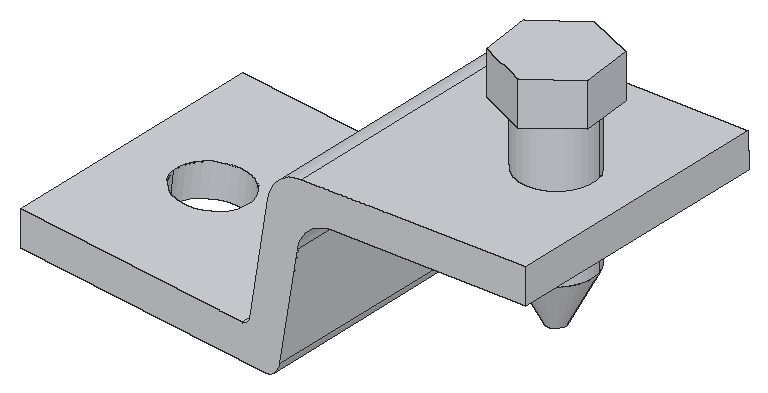
Revit family "MP41", category Generic Models, Revit 2017
Family settings
  Can host rebar = No
  Round Connector Dimension = Use Diameter
  Part Type = Normal
  Work Plane-Based = Yes
  Always vertical = No
  Cut with Voids When Loaded = No
  Shared = No
  Room Calculation Point = No
Parameters (values of type "NBS Standard Parameters")
  weight = "0.19Kg"
  WarrantyStartDate [instance] = "1900-12-31T23:59:59"
  WarrantyGuarantorParts = "n/a"
  WarrantyGuarantorLabor = "n/a"
  WarrantyDurationUnit = "1 year"
  WarrantyDurationParts = "n/a"
  WarrantyDurationLabor = "n/a"
  WarrantyDescription = "n/a"
  Version = "1"
  Uniclass2 = "Pr_65-70-11-19"
  TagNumber [instance] = "n/a"
  SustainabilityPerformance = "n/a"
  Size = "n/a"
  Shape = "n/a"
  SerialNumber [instance] = "n/a"
  Revision = "n/a"
  ReplacementCost = "n/a"
  ProductInformation = "www.metpro.co.uk/pdf/mp41.pdf"
  NominalWidth = 40 mm
  NominalLength = 82 mm
  NominalHeight = 25 mm
  Name = ""
  NBSTypeID = ""
  NBSReference = "90-55-10/305"
  NBSOfficeMasterTag = ""
  NBSNote = ""
  NBSDescription = "Channel Cable Supports"
  NBSCertification = ""
  ModelReference = "MP41"
  ModelNumber = "n/a"
  Material = "Steel"
  ManufacturerURL = "www.metpro.co.uk"
  ManufacturerName = "Metpro Ltd"
  Keynote = "Compliant to LU Standard 1-085"
  InstallationDate [instance] = "1900-12-31T23:59:59"
  IfcExportType = ""
  IfcExportAs = ""
  Grade = "n/a"
  Finish = "Hot Dipped Galvanised"
  Features = "n/a"
  ExpectedLife = "n/a"
  DurationUnit = "year"
  Description = "MP41  Z clamp C/W Conepoint"
  Default Elevation = 1219.2 mm
  Constituents = "n/a"
  Color = "n/a"
  CodePerformance = "n/a"
  Category = "n/a"
  BarCode [instance] = "n/a"
  BIMObjectName = "metpro_metprolibrary_channelcablesupports_channelbrackets"
  Author = "Metpro Ltd"
  AssetType = ""
  AssetIdentifier [instance] = "n/a"
  AccessibilityPerformance = "n/a"
Reference planes
  plane 1 "Center (Front/Back)": y = 0
  plane 2: z = 0
  plane 3 "Center (Left/Right)": x = 0
Forms (mm)
  Extrusion 1, solid
    sketch origin (34.321, 40, -12.62) x (-1, 0, 0) y (0, 0, -1)
      loop
        line (43.56, -20.781) -> (46.14, -4.471)
        arc (46.14, -4.471) -> (46.54, -3.818) -> (47.285, -3.639) r 1
        line (47.285, -3.639) -> (79.109, -6.984) -> (79.109, -1.957) -> (44.19, 1.713)
        arc (44.19, 1.713) -> (42.604, 1.266) -> (41.762, -0.151) r 2.224
        line (41.762, -0.151) -> (39.289, -15.781)
        arc (39.289, -15.781) -> (37.598, -18.802) -> (34.35, -20) r 5
        line (34.35, -20) -> (6.503, -20) -> (6.503, -25) -> (38.622, -25)
        arc (38.622, -25) -> (41.869, -23.802) -> (43.56, -20.781) r 5
    from 0 to 40
  Extrusion 2, solid
    sketch origin (-9.174, 40, 12.38) x (1, 0, 0) y (0, 1, 0)
      loop
        circle (25.453, -20.116) r 5.276
    from -12.38 to 8.856
  Extrusion 3, solid
    sketch origin (-9.174, 40, 21.236) x (1, 0, 0) y (0, 1, 0)
      loop
        line (24.661, -12.353) -> (18.334, -16.921) -> (19.126, -24.684) -> (26.246, -27.879) -> (32.572, -23.312) -> (31.78, -15.549) -> (24.661, -12.353)
    from 0 to 6.246
  Blend 4, solid
    base sketch origin (-9.174, 40, 0) x (0, 1, 0) y (-1, 0, 0)
      loop
        circle (-20.116, -25.453) r 5.276
    top sketch origin (-9.174, 40, 0) x (0, 1, 0) y (-1, 0, 0)
      loop
        circle (-20.116, -25.453) r 1.445
    from 0 to -7.452
  Extrusion 5, void
    sketch origin (-12.964, 40, -8.981) x (0.994522, 0, -0.104528) y (0, -1, 0)
      loop
        spline (-24.858, 21.505) -> (-24.888, 20.148) -> (-24.567, 18.829) -> (-23.916, 17.639) -> (-22.979, 16.657) -> (-21.82, 15.952) -> (-20.519, 15.571) -> (-19.164, 15.541) -> (-17.847, 15.863) -> (-16.658, 16.515) -> (-15.678, 17.453) -> (-14.974, 18.613) -> (-14.594, 19.916)
        spline (-14.594, 19.916) -> (-14.563, 21.273) -> (-14.885, 22.592) -> (-15.536, 23.782) -> (-16.473, 24.764) -> (-17.631, 25.469) -> (-18.932, 25.849) -> (-20.288, 25.88) -> (-21.605, 25.558) -> (-22.794, 24.906) -> (-23.773, 23.968) -> (-24.477, 22.808) -> (-24.858, 21.505)
    from 0 to 10.216
Cuts and joins
  Extrusion 5 cuts Extrusion 1
Dimensions and locks
  aligned and locked: level to plane 2
